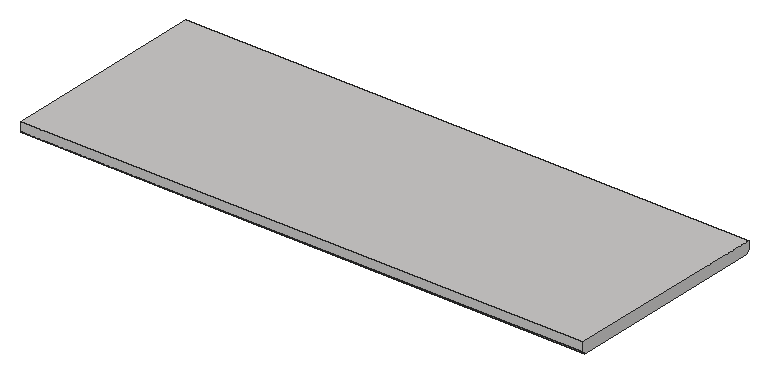
Revit family "QF_ELECTROLUXPROFESSIONAL_121125_TPLA19", category Attrezzature speciali, Revit 2020
Family settings
  Quota connettore circolare = Usa diametro
  Tipo di parte = Normale
  Basato su piano di lavoro = No
  Sempre verticale = Sì
  Taglio con vuoti quando caricato = No
  Condiviso = No
  Punto di calcolo locali = No
Parameters (values of type "Standard")
  Weight = 61.00 kg
  Watts = 0 W
  Volts = 0 V
  URL Manufacturer = "https://www.electroluxprofessional.com/"
  URL = "https://www.electroluxprofessional.com/"
  Steam Supply Size = 0 mm
  Steam Supply Minimum Pressure = 0.0 Pa
  Steam Supply Maximum Pressure = 0.0 Pa
  Steam Consumption per Hour = 0
  Refrigeration Suction Line Size = 0.0 mm
  Refrigeration Liquid Line Size = 0.0 mm
  Refrigerant Compressor Remote = yes
  Prospetto di default = 0.0 mm
  Phase = 0
  Modello = "TPLA19"
  Produttore = "Electrolux Professional"
  Length Actual = 1900.0 mm  # constant formula
  Item Number = "121125"
  Hot Water Size = 0 mm
  Height Actual = 40.0 mm  # constant formula
  HP = "0 HP"
  Gas Size = 0 mm
  Gas KW = 0
  Gas Input Pressure = 0 W
  Direct Waste Size = 0 mm
  Descrizione = "WORK TOP 1900MM"
  Depth Actual = 700.0 mm  # constant formula
  Cycle = 0 Hz
  Condensate Return Size = 0 mm
  Compressed Air Volume = 0.0 L/s
  Compressed Air Size = 0 mm
  Compressed Air Pressure = 0.0 Pa
  Cold Water Size = 0 mm
  Accessory = yes
Reference planes
  plane 1 "Center (Front/Back)": y = 0
  plane 2: z = 0
  plane 3 "Center (Left/Right)": x = -450
  plane 4 "LEFT": x = -1400
  plane 5 "RIGHT": x = 500
  plane 6 "BACK": y = 350
  plane 7 "FRONT": y = -350
  plane 8 "TOP": z = 860
  plane 9 "BaseTop": z = 900
Forms (mm)
  Extrusion 1, solid, material "QF_Finishes_Stainless Steel"
    sketch origin (-450, 0, 0) x (0, 1, 0) y (0, 0, 1)
      loop
        line (-350, 900) -> (-350, 870) -> (-340, 860) -> (340, 860) -> (350, 870) -> (350, 900) -> (-350, 900)
    from 950 to -950
Lines and regions (mm)
  symbolic lines
    curve 1: line (500, 350, 860) -> (-1400, 350, 860)
    curve 2: line (-1400, 350, 860) -> (-1400, -350, 860)
    curve 3: line (-1400, -350, 860) -> (500, -350, 860)
    curve 4: line (500, -350, 860) -> (500, 350, 860)
Dimensions and locks
  plane 4 "LEFT" to plane 5 "RIGHT" = 1900.0 mm
  equal spacing: plane 4 "LEFT", plane 3 "Center (Left/Right)", plane 5 "RIGHT"
  plane 6 "BACK" to plane 7 "FRONT" = 700.0 mm
  equal spacing: plane 6 "BACK", plane 1 "Center (Front/Back)", plane 7 "FRONT"
  locked: plane 9 "BaseTop" to plane 8 "TOP" at 40
  plane 8 "TOP" to level = 860.0 mm
  aligned and locked: level to plane 2
  aligned and locked: Extrusion 1 to plane 4 "LEFT"
  aligned and locked: plane 5 "RIGHT" to Extrusion 1
  aligned and locked: curve 2 to plane 4 "LEFT"
  aligned and locked: plane 9 "BaseTop" to Extrusion 1 sketch curve
Automatic sketch dimensions
  curve 3 to plane 7 "FRONT" = 0.0 mm
  curve 4 to plane 6 "BACK" = 0.0 mm
  curve 4 to plane 5 "RIGHT" = 0.0 mm
  Extrusion 1 sketch curve to plane 7 "FRONT" = 0.0 mm
  level to Extrusion 1 sketch curve = 860.0 mm
  Extrusion 1 sketch curve to plane 6 "BACK" = 0.0 mm
  plane 7 "FRONT" to Extrusion 1 sketch curve = 10.0 mm
  level to Extrusion 1 sketch curve = 870.0 mm  (x2)
  Extrusion 1 sketch curve to plane 6 "BACK" = 10.0 mm
